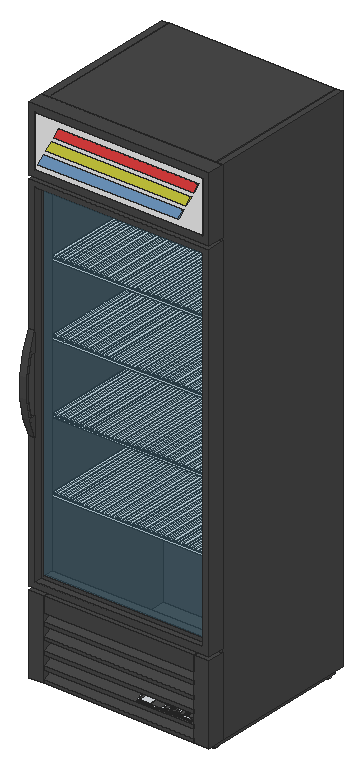
Revit family "QF_TRUE_GDM-19T-HC~TSL01_cat", category Specialty Equipment, Revit 2016 (continued)
Definition of nested family "CASTER-LEGS"
  Definition of nested family "PITCO_5 INCHES CASTER"
    Parameters (values of type "PITCO_5 INCHES CASTER")
      Specification by Manufacturer = ""
      Show Casters [instance] = yes
      Rubber = none
      Chrome = none
      Serial Number = ""
      Seismic Rating = ""
      SMACNA No = ""
      Revision Code [instance] = ""
      Omniclass Number and Title = ""
      NAFEM Spec ID Number = ""
      Model = ""
      MasterSpec. = ""
      Manufacturer = ""
      Item Number [instance] = ""
      Installed By [instance] = ""
      Identify Quantity as Lot [instance] = yes
      Furnished By [instance] = ""
      Foodservice Equipment Identifier [instance] = yes
      Description = ""
      CSI MasterFormat = ""
      CSI Master Format = ""
      Assembly Code = ""
    Reference planes (in)
      plane 1: z = 0
      plane 2 "RIGHT": x = 0
      plane 3 "FRONT": y = 0
      plane 4 "TOP": z = 5
      plane 5: z = 5.0625
    Forms (in)
      Revolve 1, solid, visible <- "Show Casters"
        sketch origin (-180, 1.0625, -34.67466) x (0, 0, -1) y (-1, 0, 0)
          loop
            line (-34.67466, -180.64009) -> (-34.67466, -179.35991) -> (-35.17466, -179.35991) -> (-35.17466, -179.48491) -> (-35.42466, -179.48491) -> (-35.42466, -179.64009) -> (-36.48519, -179.60306) -> (-36.48519, -178.85852) -> (-36.5316, -178.85852) -> (-36.5316, -178.71719) -> (-36.70591, -178.71719) -> (-36.70591, -181.28281) -> (-36.5316, -181.28281) -> (-36.5316, -181.14148) -> (-36.48519, -181.14148) -> (-36.48519, -180.39694) -> (-35.42466, -180.35991) -> (-35.42466, -180.51509) -> (-35.17466, -180.51509) -> (-35.17466, -180.64009) -> (-34.67466, -180.64009)
          axis (-36.70591, -181.28281) -> (-36.70591, -178.71719)
        angle from 0 to 360
      Extrusion 2, solid, visible <- "Show Casters"
        sketch origin (0, 0, -1.11142) x (0, -1, 0) y (1, 0, 0)
          loop
            circle (0, 0) r 1.5
        from 5.61142 to 6.17392
      Extrusion 3, solid, visible <- "Show Casters"
        sketch origin (0, 0, 0.289) x (0, -1, 0) y (0, 0, 1)
          loop
            arc (0.91808, 3.59427) -> (1.13645, 3.7909) -> (1.42156, 3.86198) r 0.60732
            line (1.42156, 3.86198) -> (1.46208, 3.86198) -> (1.43155, 4.211) -> (-1.43155, 4.211)
            arc (-1.43155, 4.211) -> (-1.62474, 4.13098) -> (-1.70476, 3.93778) r 0.27322
            line (-1.70476, 3.93778) -> (-1.70476, 3.78861) -> (-1.76351, 2.11371) -> (-1.82446, 1.68005)
            arc (-1.82446, 1.68005) -> (-1.73191, 1.41127) -> (-1.46007, 1.32816) r 0.31307
            line (-1.46007, 1.32816) -> (-0.60834, 1.47835)
            arc (-0.60834, 1.47835) -> (-0.50841, 1.51771) -> (-0.43181, 1.59299) r 0.26936
            line (-0.43181, 1.59299) -> (0.91808, 3.59427)
        from 0.84601 to 1.05998
      Extrusion 4, solid, visible <- "Show Casters"
        sketch origin (0, 0, -0.82242) x (0, -1, 0) y (0, 0, -1)
          loop
            line (1.43155, -5.32242) -> (1.46208, -4.9734) -> (1.42156, -4.9734)
            arc (1.42156, -4.9734) -> (1.13645, -4.90232) -> (0.91808, -4.70569) r 0.60732
            line (0.91808, -4.70569) -> (-0.43181, -2.70441)
            arc (-0.43181, -2.70441) -> (-0.50841, -2.62913) -> (-0.60834, -2.58977) r 0.26936
            line (-0.60834, -2.58977) -> (-1.46007, -2.43958)
            arc (-1.46007, -2.43958) -> (-1.73191, -2.52269) -> (-1.82446, -2.79147) r 0.31307
            line (-1.82446, -2.79147) -> (-1.76351, -3.22513) -> (-1.70476, -4.90003) -> (-1.70476, -5.0492)
            arc (-1.70476, -5.0492) -> (-1.62474, -5.2424) -> (-1.43155, -5.32242) r 0.27322
            line (-1.43155, -5.32242) -> (1.43155, -5.32242)
        from 0.84601 to 1.05998
      Extrusion 5, solid, visible <- "Show Casters"
        sketch origin (-0.84601, 0, 0.289) x (0, 1, 0) y (0, 0, 1)
          loop
            line (1.43155, 4.211) -> (-1.43155, 4.211) -> (-1.46208, 3.86198) -> (-1.42156, 3.86198)
            arc (-1.42156, 3.86198) -> (-1.13645, 3.7909) -> (-0.91808, 3.59427) r 0.60732
            arc (-0.91808, 3.59427) -> (0.37927, 3.88135) -> (1.70476, 3.78861) r 4.63574
            line (1.70476, 3.78861) -> (1.70476, 3.93778)
            arc (1.70476, 3.93778) -> (1.62474, 4.13098) -> (1.43155, 4.211) r 0.27322
        from 0 to 1.69203
    Cuts and joins
      joined: Extrusion 3, Extrusion 4, Extrusion 5
    Lines and regions (in)
      symbolic lines, visible <- "Show Casters"
        curve 1: line (0.70901, 2.6399, 0) -> (1.79507, 2.01286, 0)
        curve 2: line (-1.79099, -1.69023, 0) -> (0.70901, 2.6399, 0)
        curve 3: line (-0.70493, -2.31727, 0) -> (-1.79099, -1.69023, 0)
        curve 4: line (1.79507, 2.01286, 0) -> (-0.70493, -2.31727, 0)
    Dimensions and locks (in)
      plane 4 "TOP" to level = 5"  (x2)
      plane 5 to level = 5 1/16"
      aligned and locked: level to plane 1
  Definition of nested family "2.13"
    Parameters
      Weight = ""
      URL Manufacturer = ""
      URL Cutsheet = ""
      URL = ""
      Type Mark [instance] = ""
      Status [instance] = ""
      Specification by User [instance] = ""
      Specification by Manufacturer = ""
      Serial Number = ""
      Seismic Rating = ""
      SMACNA No = ""
      Revision Code [instance] = ""
      Omniclass Number and Title = ""
      NAFEM Spec ID Number = ""
      Model = ""
      MasterSpec. = ""
      Manufacturer = ""
      Item Number [instance] = ""
      Installed By [instance] = ""
      Identify Quantity as Lot [instance] = yes
      Furnished By [instance] = ""
      Foodservice Equipment Identifier [instance] = yes
      Description = ""
      CSI MasterFormat = ""
      CSI Master Format = ""
      Assembly Code = ""
      2.5 Inches Caster [instance] = yes
    Reference planes (in)
      plane 1: z = 0
      plane 2 "RIGHT": x = 0
      plane 3 "FRONT": y = 0
      plane 4 "TOP": z = 2.125
    Forms (in)
      Revolve 1, solid, visible <- "2.5 Inches Caster"
        sketch origin (-1.93794, 0.83816, -1.0041) x (1, 0, 0) y (0, 0, 1)
          loop
            line (0.74055, 1.76972) -> (0.74055, 1.69422) -> (0.79055, 1.64422) -> (0.85055, 1.64422) -> (0.85055, 1.52415) -> (1.235, 1.52415) -> (1.235, 1.4568) -> (1.38673, 1.3692) -> (1.4003, 1.28535) -> (1.34375, 1.28535) -> (1.34375, 1.16035) -> (1.375, 1.16035) -> (1.375, 1.0041) -> (1.87544, 1.0041) -> (1.87544, 1.52415) -> (2.00044, 1.52415) -> (2.00044, 1.0041) -> (2.48438, 1.0041) -> (2.48438, 1.16035) -> (2.51563, 1.16035) -> (2.51563, 1.28535) -> (2.45908, 1.28535) -> (2.47322, 1.37272) -> (2.62438, 1.45999) -> (2.62438, 1.52415) -> (3.04007, 1.52415) -> (3.04007, 1.64422) -> (3.10007, 1.64422) -> (3.15007, 1.69422) -> (3.15007, 1.76972) -> (0.74055, 1.76972)
          axis (0.74055, 1.76972) -> (3.15007, 1.76972)
        angle from 0 to 360
      Extrusion 2, solid, visible <- "2.5 Inches Caster"
        sketch origin (-1.93794, 1.80294, -3.6291) x (0, 1, 0) y (0, 0, 1)
          loop
            line (-0.64294, 5.43229) -> (-0.64294, 5.55298) -> (-2.21294, 5.55298) -> (-2.21294, 5.30272) -> (-1.81966, 5.30272)
            arc (-1.81966, 5.30272) -> (-1.13638, 5.20789) -> (-0.46376, 5.05475) r 8.02767
            arc (-0.46376, 5.05475) -> (-0.19511, 4.95469) -> (0.05138, 4.80832) r 1.60049
            line (0.05138, 4.80832) -> (0.12713, 4.91318)
            arc (0.12713, 4.91318) -> (-0.07255, 5.06376) -> (-0.29048, 5.18644) r 1.8753
            line (-0.29048, 5.18644) -> (-0.22239, 5.30423)
            arc (-0.22239, 5.30423) -> (-0.42776, 5.38437) -> (-0.64294, 5.43229) r 1.44292
        from 1.17357 to 2.70231
      Revolve 3, solid, visible <- "2.5 Inches Caster"
        sketch origin (0, 2.10856, -4.125) x (0, 1, 0) y (0, 0, 1)
          loop
            line (-1.73858, 6.25) -> (-1.73858, 6.04889) -> (-1.05793, 6.04889) -> (-1.05793, 6.25) -> (-1.73858, 6.25)
          axis (-1.73858, 6.04889) -> (-1.73858, 6.25)
        angle from 0 to 360
      Extrusion 4, solid, visible <- "2.5 Inches Caster"
        sketch origin (-1.98481, 1.80294, -2.1291) x (0, 1, 0) y (0, 0, 1)
          loop
            line (-2.21294, 4.05298) -> (-2.21294, 3.80272) -> (-2.13999, 3.80272)
            arc (-2.13999, 3.80272) -> (-1.62379, 3.51899) -> (-1.39241, 2.97729) r 0.90292
            arc (-1.39241, 2.97729) -> (-1.36136, 2.78161) -> (-1.29729, 2.59413) r 1.15385
            arc (-1.29729, 2.59413) -> (-0.94802, 2.37355) -> (-0.6121, 2.61396) r 0.37001
            arc (-0.6121, 2.61396) -> (-0.59625, 2.66241) -> (-0.58446, 2.712) r 0.61695
            arc (-0.58446, 2.712) -> (-0.36134, 3.11665) -> (0.05609, 3.31484) r 0.75313
            line (0.05609, 3.31484) -> (0.12713, 3.41318)
            arc (0.12713, 3.41318) -> (-0.07255, 3.56376) -> (-0.29048, 3.68644) r 1.8753
            line (-0.29048, 3.68644) -> (-0.22239, 3.80423)
            arc (-0.22239, 3.80423) -> (-0.42776, 3.88437) -> (-0.64294, 3.93229) r 1.44292
            line (-0.64294, 3.93229) -> (-0.64294, 4.05298) -> (-2.21294, 4.05298)
        from 2.74918 to 2.90825
      Extrusion 5, solid, visible <- "2.5 Inches Caster"
        sketch origin (1.98481, 1.80294, -2.1291) x (0, 1, 0) y (0, 0, -1)
          loop
            line (-2.21294, -4.05298) -> (-0.64294, -4.05298) -> (-0.64294, -3.93229)
            arc (-0.64294, -3.93229) -> (-0.42776, -3.88437) -> (-0.22239, -3.80423) r 1.44292
            line (-0.22239, -3.80423) -> (-0.29048, -3.68644)
            arc (-0.29048, -3.68644) -> (-0.07255, -3.56376) -> (0.12713, -3.41318) r 1.8753
            line (0.12713, -3.41318) -> (0.05609, -3.31484)
            arc (0.05609, -3.31484) -> (-0.36134, -3.11665) -> (-0.58446, -2.712) r 0.75313
            arc (-0.58446, -2.712) -> (-0.59625, -2.66241) -> (-0.6121, -2.61396) r 0.61695
            arc (-0.6121, -2.61396) -> (-0.94802, -2.37355) -> (-1.29729, -2.59413) r 0.37001
            arc (-1.29729, -2.59413) -> (-1.36136, -2.78161) -> (-1.39241, -2.97729) r 1.15385
            arc (-1.39241, -2.97729) -> (-1.62379, -3.51899) -> (-2.13999, -3.80272) r 0.90292
            line (-2.13999, -3.80272) -> (-2.21294, -3.80272) -> (-2.21294, -4.05298)
        from 2.74918 to 2.90825
    Lines and regions (in)
      symbolic lines, visible <- "2.5 Inches Caster"
        curve 1: line (0.10651, 1.27186, 0) -> (0.80944, 0.86603, 0)
        curve 2: line (-0.89349, -0.46019, 0) -> (0.10651, 1.27186, 0)
        curve 3: line (-0.19056, -0.86603, 0) -> (-0.89349, -0.46019, 0)
        curve 4: line (0.80944, 0.86603, 0) -> (-0.19056, -0.86603, 0)
    Dimensions and locks (in)
      plane 4 "TOP" to level = 2 1/8"  (x2)
      aligned and locked: level to plane 1
  Definition of nested family "C4"
    Parameters
      Weight = ""
      URL Manufacturer = ""
      URL Cutsheet = ""
      URL = ""
      Type Mark [instance] = ""
      Specification by User [instance] = ""
      Specification by Manufacturer = ""
      Show 4 Inches Casters [instance] = yes
      Serial Number = ""
      Seismic Rating = ""
      SMACNA No = ""
      Revision Code [instance] = ""
      Omniclass Number and Title = ""
      NAFEM Spec ID Number = ""
      Model = ""
      MasterSpec. = ""
      Manufacturer = ""
      Item Number [instance] = ""
      Installed By [instance] = ""
      Identify Quantity as Lot [instance] = yes
      Furnished By [instance] = ""
      Foodservice Equipment Identifier [instance] = yes
      Description = ""
      CSI MasterFormat = ""
      CSI Master Format = ""
      Assembly Code = ""
    Reference planes (in)
      plane 1: z = 0
      plane 2 "RIGHT": x = 0
      plane 3 "FRONT": y = 0
      plane 4 "TOP": z = 4
    Forms (in)
      Revolve 1, solid, visible <- "Show 4 Inches Casters"
        sketch origin (-1.93794, 0.83816, -1.0041) x (1, 0, 0) y (0, 0, 1)
          loop
            line (0.74055, 2.5041) -> (3.15007, 2.5041) -> (3.15007, 2.5796) -> (3.10007, 2.6296) -> (3.04007, 2.6296) -> (3.04007, 2.74967) -> (2.62438, 2.74967) -> (2.62438, 2.93884) -> (2.48438, 3.01967) -> (2.45908, 3.17597) -> (2.51563, 3.17597) -> (2.51563, 3.41035) -> (2.48438, 3.41035) -> (2.48438, 4.0041) -> (1.375, 4.0041) -> (1.375, 3.41035) -> (1.34375, 3.41035) -> (1.34375, 3.17597) -> (1.4003, 3.17597) -> (1.37557, 3.02318) -> (1.235, 2.94202) -> (1.235, 2.74967) -> (0.85055, 2.74967) -> (0.85055, 2.6296) -> (0.79055, 2.6296) -> (0.74055, 2.5796) -> (0.74055, 2.5041)
          axis (0.74055, 2.5041) -> (3.15007, 2.5041)
        angle from 0 to 360
      Extrusion 2, solid, visible <- "Show 4 Inches Casters"
        sketch origin (-1.93794, 1.80294, -1.7541) x (0, 1, 0) y (0, 0, 1)
          loop
            line (-3.08794, 5.33423) -> (-3.08794, 5.00584) -> (-2.69466, 5.00584)
            arc (-2.69466, 5.00584) -> (-1.57175, 4.94895) -> (-0.46376, 4.75787) r 9.36411
            arc (-0.46376, 4.75787) -> (-0.05889, 4.58436) -> (0.28335, 4.30705) r 1.60049
            line (0.28335, 4.30705) -> (0.34449, 4.39437)
            arc (0.34449, 4.39437) -> (0.12713, 4.6163) -> (-0.1239, 4.79931) r 1.8753
            line (-0.1239, 4.79931) -> (-0.05749, 4.91421)
            arc (-0.05749, 4.91421) -> (-0.33807, 5.05694) -> (-0.64294, 5.13542) r 1.44292
            line (-0.64294, 5.13542) -> (-0.64294, 5.33423) -> (-3.08794, 5.33423)
        from 1.1267 to 2.74918
      Revolve 3, solid, visible <- "Show 4 Inches Casters"
        sketch origin (0, 2.15543, -2.25) x (0, 1, 0) y (0, 0, 1)
          loop
            line (-2.21793, 6.25) -> (-2.21793, 5.83014) -> (-1.05793, 5.83014) -> (-1.05793, 6.25) -> (-2.21793, 6.25)
          axis (-2.21793, 5.83014) -> (-2.21793, 6.25)
        angle from 0 to 360
      Extrusion 4, solid, visible <- "Show 4 Inches Casters"
        sketch origin (-1.93794, 1.80294, -1.7541) x (0, 1, 0) y (0, 0, 1)
          loop
            line (-3.08794, 5.33423) -> (-3.08794, 5.00584) -> (-2.8913, 5.00584)
            arc (-2.8913, 5.00584) -> (-2.09118, 4.14057) -> (-1.45681, 3.14736) r 6.63355
            arc (-1.45681, 3.14736) -> (-0.85703, 2.75969) -> (-0.4561, 3.35069) r 0.5107
            arc (-0.4561, 3.35069) -> (-0.27092, 3.92503) -> (0.24034, 4.24562) r 0.88136
            line (0.24034, 4.24562) -> (0.34449, 4.39437)
            arc (0.34449, 4.39437) -> (0.12713, 4.6163) -> (-0.1239, 4.79931) r 1.8753
            line (-0.1239, 4.79931) -> (-0.05749, 4.91421)
            arc (-0.05749, 4.91421) -> (-0.33807, 5.05694) -> (-0.64294, 5.13542) r 1.44292
            line (-0.64294, 5.13542) -> (-0.64294, 5.33423) -> (-3.08794, 5.33423)
        from 2.74918 to 2.90825
      Extrusion 5, solid, visible <- "Show 4 Inches Casters"
        sketch origin (1.93794, 1.80294, -1.7541) x (0, 1, 0) y (0, 0, -1)
          loop
            line (-3.08794, -5.33423) -> (-0.64294, -5.33423) -> (-0.64294, -5.13542)
            arc (-0.64294, -5.13542) -> (-0.33807, -5.05694) -> (-0.05749, -4.91421) r 1.44292
            line (-0.05749, -4.91421) -> (-0.1239, -4.79931)
            arc (-0.1239, -4.79931) -> (0.12713, -4.6163) -> (0.34449, -4.39437) r 1.8753
            line (0.34449, -4.39437) -> (0.24034, -4.24562)
            arc (0.24034, -4.24562) -> (-0.27092, -3.92503) -> (-0.4561, -3.35069) r 0.88136
            arc (-0.4561, -3.35069) -> (-0.85703, -2.75969) -> (-1.45681, -3.14736) r 0.5107
            arc (-1.45681, -3.14736) -> (-2.09118, -4.14057) -> (-2.8913, -5.00584) r 6.63355
            line (-2.8913, -5.00584) -> (-3.08794, -5.00584) -> (-3.08794, -5.33423)
        from 2.74918 to 2.90825
    Cuts and joins
      joined: Extrusion 2, Extrusion 4, Extrusion 5
    Lines and regions (in)
      symbolic lines, visible <- "Show 4 Inches Casters"
        curve 1: line (0.28481, 1.83041, 0) -> (1.24556, 1.27572, 0)
        curve 2: line (-1.26206, -0.84886, 0) -> (0.28481, 1.83041, 0)
        curve 3: line (-0.30132, -1.40355, 0) -> (-1.26206, -0.84886, 0)
        curve 4: line (1.24556, 1.27572, 0) -> (-0.30132, -1.40355, 0)
    Dimensions and locks (in)
      plane 4 "TOP" to level = 4"  (x2)
      aligned and locked: level to plane 1
  Definition of nested family "6 Inches Leg & Caster"
    Parameters
      Weight = ""
      URL Manufacturer = ""
      URL Cutsheet = ""
      URL = ""
      Type Mark [instance] = ""
      Status [instance] = ""
      Specification by User [instance] = ""
      Specification by Manufacturer = ""
      Show Casters [instance] = yes
      Serial Number = ""
      Seismic Rating = ""
      SMACNA No = ""
      Revision Code [instance] = ""
      Omniclass Number and Title = ""
      NAFEM Spec ID Number = ""
      Model = ""
      MasterSpec. = ""
      Manufacturer = ""
      Item Number [instance] = ""
      Installed By [instance] = ""
      Identify Quantity as Lot [instance] = yes
      Furnished By [instance] = ""
      Foodservice Equipment Identifier [instance] = yes
      Description = ""
      CSI MasterFormat = ""
      CSI Master Format = ""
    Reference planes (in)
      plane 1 "BACK": y = 0
      plane 2: z = 0
      plane 3 "LEFT": x = 0
      plane 4 "RIGHT": x = 0
      plane 5 "FRONT": y = 0
      plane 6 "TOP": z = 6.25
    Forms (in)
      Revolve 1, solid, visible <- "Show Casters"
        sketch origin (-2.21793, 0, -0.25) x (-1, 0, 0) y (0, 0, 1)
          loop
            line (-2.21793, 6) -> (-2.21793, 5.55584) -> (-0.93693, 5.55584) -> (-0.93693, 6) -> (-2.21793, 6)
          axis (-2.21793, 5.55584) -> (-2.21793, 6)
        angle from 0 to 360
      Extrusion 2, solid, visible <- "Show Casters"
        sketch origin (0.25594, 2.21793, -0.1875) x (0, 1, 0) y (0, 0, 1)
          loop
            line (-3.37793, 5.49334) -> (-3.37793, 5.24334) -> (-1.63015, 2.08504)
            arc (-1.63015, 2.08504) -> (-0.63555, 1.74359) -> (-0.1951, 2.69848) r 0.78437
            line (-0.1951, 2.69848) -> (-1.06726, 5.49334) -> (-3.37793, 5.49334)
        from 0.78968 to 0.90247
      Extrusion 3, solid, visible <- "Show Casters"
        sketch origin (0, 0, 5.75) x (0, 1, 0) y (-1, 0, 0)
          loop
            circle (0, 0) r 0.75
        from 0 to 0.5
      Extrusion 4, solid, visible <- "Show Casters"
        sketch origin (-0.25594, 2.21793, -0.1875) x (0, 1, 0) y (0, 0, -1)
          loop
            line (-3.37793, -5.49334) -> (-1.06726, -5.49334) -> (-0.1951, -2.69848)
            arc (-0.1951, -2.69848) -> (-0.63555, -1.74359) -> (-1.63015, -2.08504) r 0.78437
            line (-1.63015, -2.08504) -> (-3.37793, -5.24334) -> (-3.37793, -5.49334)
        from 0.78968 to 0.90247
      Extrusion 5, solid, visible <- "Show Casters"
        sketch origin (0, 0, 0.75) x (0, 1, 0) y (0, 0, 1)
          loop
            line (-1.16, 4.55584) -> (-1.16, 4.30584) -> (1.15067, 4.30584) -> (1.15067, 4.55584) -> (-1.16, 4.55584)
        from -1.04562 to 1.04562
      Revolve 6, solid, visible <- "Show Casters"
        sketch origin (-1.9375, 1.23015, -0.12802) x (1, 0, 0) y (0, 0, 1)
          loop
            line (0.5843, 2.5041) -> (0.5843, 2.3661) -> (0.6343, 2.3161) -> (0.6943, 2.3161) -> (0.6943, 2.1804) -> (1.1725, 2.1804) -> (1.1725, 1.78493) -> (1.31307, 1.70377) -> (1.42647, 1.00302) -> (1.28125, 1.00302) -> (1.28125, 0.75302) -> (1.3125, 0.75302) -> (1.3125, 0.50302)
            arc (1.3125, 0.50302) -> (1.42233, 0.23785) -> (1.6875, 0.12802) r 0.375
            line (1.6875, 0.12802) -> (2.1875, 0.12802)
            arc (2.1875, 0.12802) -> (2.45267, 0.23785) -> (2.5625, 0.50302) r 0.375
            line (2.5625, 0.50302) -> (2.5625, 0.75302) -> (2.59375, 0.75302) -> (2.59375, 1.00302) -> (2.44853, 1.00302) -> (2.5625, 1.70728) -> (2.7025, 1.78811) -> (2.7025, 2.1804) -> (3.1807, 2.1804) -> (3.1807, 2.3161) -> (3.2407, 2.3161) -> (3.2907, 2.3661) -> (3.2907, 2.5041) -> (0.5843, 2.5041)
          axis (0.5843, 2.5041) -> (3.2907, 2.5041)
        angle from 0 to 360
    Cuts and joins
      joined: Extrusion 2, Extrusion 4, Extrusion 5
    Lines and regions (in)
      symbolic lines, visible <- "Show Casters"
        curve 1: line (0.46086, 2.04455, 0) -> (1.54339, 1.41955, 0)
        curve 2: line (-1.53914, -1.41955, 0) -> (0.46086, 2.04455, 0)
        curve 3: line (-0.45661, -2.04455, 0) -> (-1.53914, -1.41955, 0)
        curve 4: line (1.54339, 1.41955, 0) -> (-0.45661, -2.04455, 0)
    Dimensions and locks (in)
      plane 6 "TOP" to level = 6 1/4"  (x2)
      aligned and locked: level to plane 2
  Definition of nested family "C2.5"
    Parameters
      Weight = ""
      URL Manufacturer = ""
      URL Cutsheet = ""
      URL = ""
      Type Mark [instance] = ""
      Status [instance] = ""
      Specification by User [instance] = ""
      Specification by Manufacturer = ""
      Serial Number = ""
      Seismic Rating = ""
      SMACNA No = ""
      Revision Code [instance] = ""
      Omniclass Number and Title = ""
      NAFEM Spec ID Number = ""
      Model = ""
      MasterSpec. = ""
      Manufacturer = ""
      Item Number [instance] = ""
      Installed By [instance] = ""
      Identify Quantity as Lot [instance] = yes
      Furnished By [instance] = ""
      Foodservice Equipment Identifier [instance] = yes
      Description = ""
      CSI MasterFormat = ""
      CSI Master Format = ""
      Assembly Code = ""
      2.5 Inches Caster [instance] = yes
    Reference planes (in)
      plane 1: z = 0
      plane 2 "RIGHT": x = 0
      plane 3 "FRONT": y = 0
      plane 4 "TOP": z = 2.5
    Forms (in)
      Revolve 1, solid, visible <- "2.5 Inches Caster"
        sketch origin (-1.93794, 0.83816, -1.0041) x (1, 0, 0) y (0, 0, 1)
          loop
            line (0.74055, 1.92597) -> (0.74055, 1.85047) -> (0.79055, 1.80047) -> (0.85055, 1.80047) -> (0.85055, 1.6804) -> (1.235, 1.6804) -> (1.235, 1.61305) -> (1.38673, 1.52545) -> (1.4003, 1.4416) -> (1.34375, 1.4416) -> (1.34375, 1.3166) -> (1.375, 1.3166) -> (1.375, 1.0041) -> (2.48438, 1.0041) -> (2.48438, 1.3166) -> (2.51563, 1.3166) -> (2.51563, 1.4416) -> (2.45908, 1.4416) -> (2.47322, 1.52897) -> (2.62438, 1.61624) -> (2.62438, 1.6804) -> (3.04007, 1.6804) -> (3.04007, 1.80047) -> (3.10007, 1.80047) -> (3.15007, 1.85047) -> (3.15007, 1.92597) -> (0.74055, 1.92597)
          axis (0.74055, 1.92597) -> (3.15007, 1.92597)
        angle from 0 to 360
      Extrusion 2, solid, visible <- "2.5 Inches Caster"
        sketch origin (-1.93794, 1.80294, -3.2541) x (0, 1, 0) y (0, 0, 1)
          loop
            line (-0.64294, 5.43229) -> (-0.64294, 5.55298) -> (-2.21294, 5.55298) -> (-2.21294, 5.30272) -> (-1.81966, 5.30272)
            arc (-1.81966, 5.30272) -> (-1.13638, 5.20789) -> (-0.46376, 5.05475) r 8.02767
            arc (-0.46376, 5.05475) -> (-0.19511, 4.95469) -> (0.05138, 4.80832) r 1.60049
            line (0.05138, 4.80832) -> (0.12713, 4.91318)
            arc (0.12713, 4.91318) -> (-0.07255, 5.06376) -> (-0.29048, 5.18644) r 1.8753
            line (-0.29048, 5.18644) -> (-0.22239, 5.30423)
            arc (-0.22239, 5.30423) -> (-0.42776, 5.38437) -> (-0.64294, 5.43229) r 1.44292
        from 1.17357 to 2.70231
      Revolve 3, solid, visible <- "2.5 Inches Caster"
        sketch origin (0, 2.10856, -3.75) x (0, 1, 0) y (0, 0, 1)
          loop
            line (-1.73858, 6.25) -> (-1.73858, 6.04889) -> (-1.05793, 6.04889) -> (-1.05793, 6.25) -> (-1.73858, 6.25)
          axis (-1.73858, 6.04889) -> (-1.73858, 6.25)
        angle from 0 to 360
      Extrusion 4, solid, visible <- "2.5 Inches Caster"
        sketch origin (-1.98481, 1.80294, -1.7541) x (0, 1, 0) y (0, 0, 1)
          loop
            line (-2.21294, 4.05298) -> (-2.21294, 3.80272) -> (-2.13999, 3.80272)
            arc (-2.13999, 3.80272) -> (-1.62379, 3.51899) -> (-1.39241, 2.97729) r 0.90292
            arc (-1.39241, 2.97729) -> (-1.36136, 2.78161) -> (-1.29729, 2.59413) r 1.15385
            arc (-1.29729, 2.59413) -> (-0.94802, 2.37355) -> (-0.6121, 2.61396) r 0.37001
            arc (-0.6121, 2.61396) -> (-0.59625, 2.66241) -> (-0.58446, 2.712) r 0.61695
            arc (-0.58446, 2.712) -> (-0.36134, 3.11665) -> (0.05609, 3.31484) r 0.75313
            line (0.05609, 3.31484) -> (0.12713, 3.41318)
            arc (0.12713, 3.41318) -> (-0.07255, 3.56376) -> (-0.29048, 3.68644) r 1.8753
            line (-0.29048, 3.68644) -> (-0.22239, 3.80423)
            arc (-0.22239, 3.80423) -> (-0.42776, 3.88437) -> (-0.64294, 3.93229) r 1.44292
            line (-0.64294, 3.93229) -> (-0.64294, 4.05298) -> (-2.21294, 4.05298)
        from 2.74918 to 2.90825
      Extrusion 5, solid, visible <- "2.5 Inches Caster"
        sketch origin (1.98481, 1.80294, -1.7541) x (0, 1, 0) y (0, 0, -1)
          loop
            line (-2.21294, -4.05298) -> (-0.64294, -4.05298) -> (-0.64294, -3.93229)
            arc (-0.64294, -3.93229) -> (-0.42776, -3.88437) -> (-0.22239, -3.80423) r 1.44292
            line (-0.22239, -3.80423) -> (-0.29048, -3.68644)
            arc (-0.29048, -3.68644) -> (-0.07255, -3.56376) -> (0.12713, -3.41318) r 1.8753
            line (0.12713, -3.41318) -> (0.05609, -3.31484)
            arc (0.05609, -3.31484) -> (-0.36134, -3.11665) -> (-0.58446, -2.712) r 0.75313
            arc (-0.58446, -2.712) -> (-0.59625, -2.66241) -> (-0.6121, -2.61396) r 0.61695
            arc (-0.6121, -2.61396) -> (-0.94802, -2.37355) -> (-1.29729, -2.59413) r 0.37001
            arc (-1.29729, -2.59413) -> (-1.36136, -2.78161) -> (-1.39241, -2.97729) r 1.15385
            arc (-1.39241, -2.97729) -> (-1.62379, -3.51899) -> (-2.13999, -3.80272) r 0.90292
            line (-2.13999, -3.80272) -> (-2.21294, -3.80272) -> (-2.21294, -4.05298)
        from 2.74918 to 2.90825
    Lines and regions (in)
      symbolic lines, visible <- "2.5 Inches Caster"
        curve 1: line (0.10651, 1.96132, 0) -> (0.80944, 1.55548, 0)
        curve 2: line (-0.89349, 0.22927, 0) -> (0.10651, 1.96132, 0)
        curve 3: line (-0.19056, -0.17657, 0) -> (-0.89349, 0.22927, 0)
        curve 4: line (0.80944, 1.55548, 0) -> (-0.19056, -0.17657, 0)
    Dimensions and locks (in)
      plane 4 "TOP" to level = 2 1/2"  (x2)
      aligned and locked: level to plane 1
